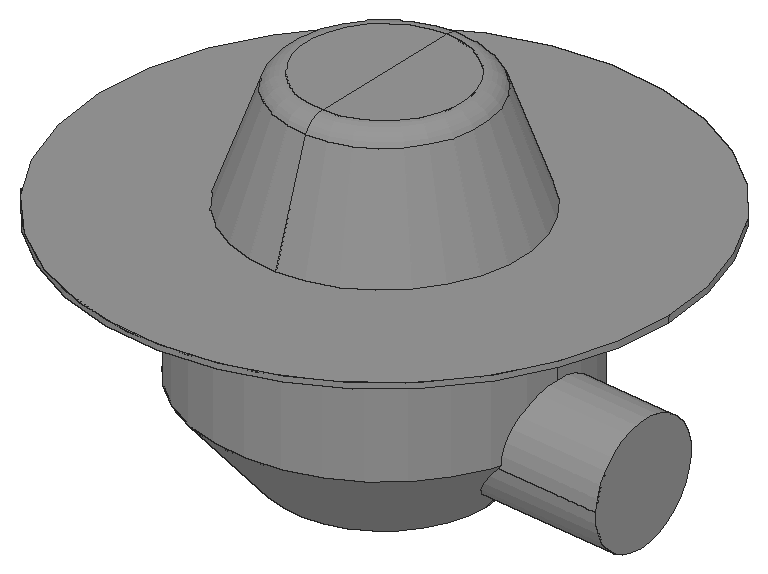
Revit family "HL_RU_Roof drain_HL64F-B-221103", category Sanitärinstallationen, Revit 2020
Family settings
  Bemaßung runder Anschluss = Durchmesser verwenden
  Teiletyp = Normal
  OmniClass-Nummer = 23.70.50.21.24.14
  OmniClass-Titel = Deck Waste Water Drains
  Arbeitsebenenbasiert = Nein
  Immer vertikal = Ja
  Beim Laden mit Abzugskörper schneiden = Nein
  Gemeinsam genutzt = Nein
  Raumberechnungspunkt = Ja
Parameters (values of type "HL_Кровельная воронка_HL64F_7")
  РЕШЁТКА = "Laubfangkorb d 145 mm"
  РАЗМЕР = "DN75"
  ПРОПУСКНАЯ СПОСОБНОСТЬ [instance] = 0.0 L/s
  ПРОИЗВОДИТЕЛЬНОСТЬ = "6,9l/s"
  ПРАВОВАЯ ИНФОРМАЦИЯ = "Авторские права(©), права на дизайн или какие либо другие права интелектуальной собственности являются исключительной собственностью компании HL Hutterer & Lechner. Изменению не подлежит. Файл семейства с данными о прозводителе изделия защищен паролем с водяным знаком."
  НОМИНАЛЬНЫЙ ДИАМЕТР = 75 mm
  МАТЕРИАЛ = "PP"
  ВЕС = "0,761 [kg]"
  Vorgabe-Ansicht = 0 mm
  Hersteller = "HL Hutterer & Lechner GmbH"  # constant formula
  URL = "http://www.hutterer-lechner.com/ru/products/catalog/roof-drains/HL64F/7.aspx"
  Материал плитка [instance] = none
  Lüftungsverbindung = no
  Abwasserrohrverbindung = yes
  HW-Verbindung = no
  KW-Verbindung = no
  Beschreibung = "Кровельные воронки"
  Model = "HL64F_7"
  Assembly Code = " "
  Typenkommentare = "HL64F/7 Кровельная воронка DN75, горизонтальный выпуск, с ПП_фланцем,"
  Keynote = "HL64F_7"
  Bысота монтажа [instance] = 0 mm  # constant formula
  G [instance] = 90.00°  # constant formula
  EAN = "9003076031689"
  D [instance] = if(НОМИНАЛЬНЫЙ ДИАМЕТР = 75 mm, 162.8 mm, 178 mm)  # 162.8 mm
  C [instance] = if(Bысота монтажа - 68 mm < 0 mm, 0 mm, Bысота монтажа - 68 mm)  # 0 mm
  B [instance] = Bысота монтажа + if(НОМИНАЛЬНЫЙ ДИАМЕТР = 75 mm, 101 mm, 84 mm)  # 101 mm
  A [instance] = if(B - 100 mm > 15 mm, B - 100 mm, 15 mm)  # 15 mm
Types (3, lengths in mm): name | РАЗМЕР | ПРОИЗВОДИТЕЛЬНОСТЬ | НОМИНАЛЬНЫЙ ДИАМЕТР | ВЕС | URL | Model | Typenkommentare | Keynote | EAN | D | B
  (no name) | "DN75" | "6,9l/s" | 75 | "0,761 [kg]" | "http://www.hutterer-lechner.com/ru/products/catalog/roof-drains/HL64F/7.aspx" | "HL64F_7" | "HL64F/7 Кровельная воронка DN75, горизонтальный выпуск, с ПП_фланцем," | "HL64F_7" | "9003076031689" | 162.8 | 101
  HL_Кровельная воронка_HL64F_1 | "DN10" | "7,8 l/s" | 100 | "0,872 [kg]" | "http://www.hutterer-lechner.com/ru/products/catalog/roof-drains/HL64F/1.aspx" | "HL64F_1" | "HL64F/1 Кровельная воронка DN110, горизонтальный выпуск, с ПП_фланцем," | "HL64F_1" | "9003076031702" | 178 | 84
  HL_Кровельная воронка_HL64F_7 | "DN75" | "6,9l/s" | 75 | "0,761 [kg]" | "http://www.hutterer-lechner.com/ru/products/catalog/roof-drains/HL64F/7.aspx" | "HL64F_7" | "HL64F/7 Кровельная воронка DN75, горизонтальный выпуск, с ПП_фланцем," | "HL64F_7" | "9003076031689" | 162.8 | 101
Reference planes
  plane 1 "Center (Front/Back)": y = 0
  plane 2: z = 0
  plane 3 "Center (Left/Right)": x = 0
  plane 4: z = -101
  plane 5: z = 0
Lines and regions (mm)
  model lines, style "InvisibleLines"
    curve 1: line (0, 0, 0) -> (0, 0, 20)
  model lines, style "PlumbingFixtures", detail levels coarse+medium
    curve 2: line (0, 0, -101) -> (0, 0, -86)
    curve 3: line (0, 0, -86) -> (-86, 0, 0)
    curve 4: line (0, 0, -86) -> (86, 0, 0)
    curve 6: line (0, 0, -101) -> (162.8, 0, -101)
  reference lines, not visible
    curve 5: line (0, 0, -101) -> (162.8, 0, -101)
  symbolic lines, style "PlumbingFixtures", detail levels coarse+medium
    curve 7: line (-75, 75, 0) -> (75, 75, 0)
    curve 8: line (-75, -75, 0) -> (-75, 75, 0)
    curve 9: line (75, -75, 0) -> (-75, -75, 0)
    curve 10: line (75, 75, 0) -> (75, -75, 0)
    curve 11: line (-75, 75, 0) -> (-145.711, 145.711, 0)
    curve 12: line (75, 75, 0) -> (145.711, 145.711, 0)
    curve 13: line (-75, -75, 0) -> (-145.711, -145.711, 0)
    curve 14: line (75, -75, 0) -> (145.711, -145.711, 0)
  symbolic lines, style "PlumbingFixtures", not visible, detail levels coarse+medium
    curve 15: line (-75, 75, 0) -> (75, 75, 0)
    curve 16: line (-75, -75, 0) -> (-75, 75, 0)
    curve 17: line (75, -75, 0) -> (-75, -75, 0)
    curve 18: line (75, 75, 0) -> (75, -75, 0)
    curve 19: line (-75, 75, 0) -> (-145.711, 145.711, 0)
    curve 20: line (75, 75, 0) -> (145.711, 145.711, 0)
    curve 21: line (-75, -75, 0) -> (-145.711, -145.711, 0)
    curve 22: line (75, -75, 0) -> (145.711, -145.711, 0)
Text (mm)
  text "FLOOR" at (-162.344, 0, -10.979), in view "Drain Construction View"
Dimensions and locks
  "B": plane 2 to plane 4
  "Bысота монтажа": plane 2 to plane 5
  "A": curve 4 to plane 4
  "D": curve 5 to curve 5
  "D": curve 6 to curve 6
  locked: curve 4 to plane 3 "Center (Left/Right)" (angle 45.00°)
  locked: plane 3 "Center (Left/Right)" to curve 3 (angle 45.00°)
  "G": angle curve 5 to plane 3 "Center (Left/Right)"
  aligned and locked: level to plane 2
  aligned and locked: plane 2 to curve 4
  aligned and locked: plane 2 to curve 3
  aligned and locked: plane 4 to curve 5
  aligned and locked: plane 3 "Center (Left/Right)" to curve 5
  aligned and locked: plane 4 to curve 2
  aligned and locked: plane 3 "Center (Left/Right)" to curve 6
  aligned and locked: plane 4 to curve 6
  aligned and locked: nested 1 to plane 5
  aligned and locked: plane 2 to nested 2
  aligned and locked: plane 3 "Center (Left/Right)" to nested 2
Automatic sketch dimensions
  curve 2 to plane 3 "Center (Left/Right)" = 0 mm
  curve 1 to plane 3 "Center (Left/Right)" = 0 mm
  curve 1 to level = 0 mm
  level to curve 1 = 20 mm
Nested families
  nested 1: "HL_кровельные воронки - корпус_HL64F" at (0, 0, 0), НОМИНАЛЬНЫЙ ДИАМЕТР <- "НОМИНАЛЬНЫЙ ДИАМЕТР", type "HL_кровельные воронки - корпус_HL64F"
    with НОМИНАЛЬНЫЙ ДИАМЕТР 75 mm, L 164 mm, B 101.3 mm, A 92.3 mm
  nested 2: "HL_Вспомогательные материалы-Противопожарная защита_HL062.1E" at (0, 0, 0), type "HL_Вспомогательные материалы-Противопожарная защита_HL062.1E"
Connectors
  piping at (162.8, 0, -101), diameter 75, driven by "ПРОПУСКНАЯ СПОСОБНОСТЬ", driven by "НОМИНАЛЬНЫЙ ДИАМЕТР"
    settings: on curve 5, index 1, connector inside diameter 609.6 mm, connector length 0 mm, flow factor 0, pipe flow 0.0 L/s, pressure drop 0.0 Pa, fitting loss kfactor 0, connector angle 0.00°, fixture units 0, engagement length 0 mm, angle of deflection 0.00°, flow configuration 1, flow direction 2, fitting loss method 0, system type 16, joint type 0, gender type 0, connector reference index -1, connector utility 0, adjustable connector yes, is connector primary yes, connector description ""
Definition of nested family "HL_кровельные воронки - корпус_HL64F"
  Parameters (values of type "HL_кровельные воронки - корпус_HL64F")
    НОМИНАЛЬНЫЙ ДИАМЕТР [instance] = 110 mm
    Default Elevation = 0 mm
    Manufacturer = ""
    URL = ""
    Description = ""
    Model = ""
    L [instance] = if(НОМИНАЛЬНЫЙ ДИАМЕТР = 75 mm, 164 mm, 178 mm)  # 178 mm
    Type Comments = ""
    Cost = 0
    B [instance] = if(НОМИНАЛЬНЫЙ ДИАМЕТР = 75 mm, 101.3 mm, 84 mm)  # 84 mm
    A [instance] = if(НОМИНАЛЬНЫЙ ДИАМЕТР = 75 mm, 92.3 mm, 75 mm)  # 75 mm
  Reference planes
    plane 1 "Střed (vpředu/vzadu)": y = 0
    plane 2: z = 0
    plane 3 "Střed (vlevo/vpravo)": x = 0
  Forms (mm)
    Extrusion 1, solid, detail levels fine
      sketch origin (-0.006, -0.073, 0) x (1, 0, 0) y (0, 1, 0)
        loop
          circle (0, 0) r 180
        loop
          circle (0, 0) r 78.913
      from 0 to -3.5
    Extrusion 2, solid, detail levels fine
      sketch origin (-0.006, -0.073, -3.5) x (0, 1, 0) y (1, 0, 0)
        loop
          circle (0, 0) r 140
      from 0 to 18
    Extrusion 3, solid, detail levels fine
      sketch origin (-0.006, -0.073, -21.5) x (-1, 0, 0) y (0, 1, 0)
        loop
          circle (0, 0) r 110
      from 0 to 73.906
    Blend 4, solid, detail levels fine
      base sketch origin (-0.006, -0.073, -95.406) x (0, -1, 0) y (1, 0, 0)
        loop
          circle (0, 0) r 110
      top sketch origin (-0.006, -0.073, -95.406) x (0, -1, 0) y (1, 0, 0)
        loop
          circle (0, 0) r 65
      from 0 to -53
    Revolve 5, void
      sketch origin (-0.006, -0.073, 0) x (1, 0, 0) y (0, 0, 1)
        loop
          line (-78.913, 0) -> (-78.913, -16.281) -> (-74.694, -23.588) -> (-74.694, -24.914) -> (-75.511, -24.914) -> (-75.511, -30.304) -> (-64.679, -30.304) -> (-64.679, -32.804) -> (0, -32.804) -> (0, 0) -> (-78.913, 0)
        axis (0, 0) -> (0, -32.804)
      angle from 0 to 360
    Extrusion 6, solid, detail levels fine
      sketch origin (179.329, 0, -54.515) x (0, -1, 0) y (-0.050544, 0, -0.998722)
        loop
          circle (0, 29.523) r 55
      from -0.064 to -99.364
  Cuts and joins
    Revolve 5 cuts Extrusion 1
    Revolve 5 cuts Extrusion 2
    Revolve 5 cuts Extrusion 3
  Lines and regions (mm)
    reference lines
      curve 1: line (0, 0, -75) -> (177.837, 0, -84)
  Dimensions and locks
    "B": plane 2 to curve 1
    "A": plane 2 to curve 1
    "L": Extrusion 6 to curve 1
    "НОМИНАЛЬНЫЙ ДИАМЕТР": diameter of Extrusion 6 sketch curve
    aligned and locked: level to plane 2
    aligned and locked: plane 3 "Střed (vlevo/vpravo)" to curve 1
  Automatic sketch dimensions
    Extrusion 1 sketch curve to Extrusion 1 sketch curve = 0 mm  (x2)
    Extrusion 1 sketch curve to plane 3 "Střed (vlevo/vpravo)" = 0.006 mm
    plane 1 "Střed (vpředu/vzadu)" to Extrusion 1 sketch curve = 0.073 mm
    Revolve 5 sketch curve to level = 0 mm
    Revolve 5 sketch curve to plane 3 "Střed (vlevo/vpravo)" = 78.919 mm
    Revolve 5 sketch curve to Revolve 5 sketch curve = 3.401 mm
    Revolve 5 sketch curve to Revolve 5 sketch curve = 0.817 mm
    Revolve 5 sketch curve to Revolve 5 sketch curve = 10.833 mm
    Revolve 5 sketch curve to plane 3 "Střed (vlevo/vpravo)" = 0.006 mm  (x2)
    Revolve 5 sketch curve to level = 16.281 mm
    Revolve 5 sketch curve to Revolve 5 sketch curve = 7.307 mm
    Revolve 5 sketch curve to Revolve 5 sketch curve = 1.326 mm
    Revolve 5 sketch curve to Revolve 5 sketch curve = 5.39 mm
    Revolve 5 sketch curve to level = 32.804 mm
    level to Revolve 5 sketch curve = 25 mm
    Revolve 5 sketch curve to Revolve 5 sketch curve = 50 mm
    plane 3 "Střed (vlevo/vpravo)" to curve 1 = 177.837 mm
    Extrusion 6 sketch curve to plane 1 "Střed (vpředu/vzadu)" = 0 mm
    radius of Extrusion 1 sketch curve = 180 mm
    radius of Extrusion 1 sketch curve = 78.913 mm
    radius of Extrusion 2 sketch curve to Extrusion 1 = 40 mm
    radius of Extrusion 3 sketch curve to Extrusion 2 = 30 mm
    radius of Blend 4 sketch curve to Extrusion 3 = 0 mm
    radius of Blend 4 sketch curve to Extrusion 3 = 45 mm
Definition of nested family "HL_Вспомогательные материалы-Противопожарная защита_HL062.1E"
  Parameters
    ПРАВОВАЯ ИНФОРМАЦИЯ = ""
    ВЕС = "0,097 [kg]"
    Default Elevation = 0 mm
    Manufacturer = ""
    URL = ""
    Материал плитка = none
    Description = ""
    Model = ""
    Type Comments = "HL062.1E, domed plastic grate"
    Keynote = ""
    Пропускная способность [instance] = 0.0 L/s
    EAN = "9003076006212"
    Cost = 0
  Types (2, lengths in mm): name | ПРАВОВАЯ ИНФОРМАЦИЯ | Manufacturer | URL | Description | Model | Type Comments | Keynote
    (no name) | "" | "" | "" | "" | "" | "HL062.1E, domed plastic grate" | ""
    HL_Вспомогательные материалы-Противопожарная защита_HL062.1E | "Авторские права(©), права на дизайн или какие либо другие права интелектуальной собственности являются исключительной собственностью компании HL Hutterer & Lechner. Изменению не подлежит. Файл семейства с данными о прозводителе изделия защищен паролем с водяным знаком." | "HL Hutterer & Lechner GmbH" | "http://www.hutterer-lechner.com/ru/products/catalog/roof-drains/HL062.1E.aspx" | "Кровельные воронки" | "HL062.1E" | "HL062.1E, Листвоуловитель" | "HL062.1E"
  Reference planes
    plane 1 "Střed (vpředu/vzadu)": y = 0
    plane 2: z = 0
    plane 3 "Střed (vlevo/vpravo)": x = 0
  Forms (mm)
    Revolve 1, solid, detail levels fine
      sketch origin (0, 0, 0) x (0, 1, 0) y (0, 0, 1)
        loop
          line (0, 75) -> (0, 60.2) -> (47.074, 60.2) -> (68.985, 0) -> (86.249, 0) -> (61.992, 66.646)
          arc (61.992, 66.646) -> (56.733, 72.731) -> (49.016, 75) r 14.255
          line (49.016, 75) -> (0, 75)
        axis (0, 75) -> (0, 0)
      angle from 0 to 360
    Extrusion 2, solid, detail levels fine
      sketch origin (0, 0, 0) x (0, 1, 0) y (1, 0, 0)
        loop
          circle (0, 0) r 78.587
        loop
          circle (0, 0) r 70.981
      from 0 to 16.7
    Extrusion 3, solid, detail levels fine
      sketch origin (0, 0, -16.7) x (-1, 0, 0) y (0, 1, 0)
        loop
          circle (0, 0) r 70
        loop
          circle (0, 0) r 74.546
      from 0 to 12.3
  Dimensions and locks
    aligned and locked: level to plane 2
